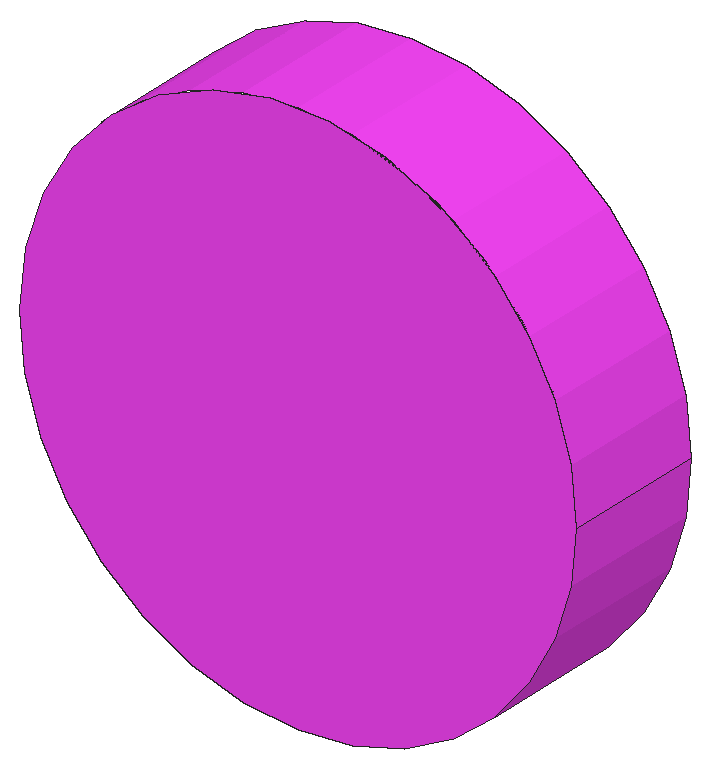
Revit family "501_MEP_Задание_Гильза_Стены", category Оборудование, Revit 2018
Family settings
  Размер круглого соединителя = Использовать диаметр
  Классификация = Нет
  Тип детали = Нормальный
  На основе рабочей плоскости = Нет
  Всегда вертикально = Да
  При загрузке вырезать с полостями = Нет
  Общий = Нет
  Точка расчета площади = Нет
Parameters (values of type "ЭОМ")
  Ключевая пометка = "501_MEP"  # constant formula
  КП_Р_Толщина стенки = 6 mm
  SYS_MAX [instance] = if(Ширина > Высота, Ширина, Высота)  # 1000 mm
  КП_Р_Диаметр [instance] = SYS_MAX + Расширение границ * 2  # 1100 mm
  Заливка цветом = Заливка Цветная Прямоугольное Отверстие : Красный
  Гильза [instance] = yes
  SYS_YES = 1 = 1  # yes
  SYS_WIDTH [instance] = Ширина / 2 + Расширение границ  # 550 mm
  Ширина [instance] = 1000 mm
  Толщина [instance] = 280 mm
  Расширение границ [instance] = 50 mm
  Описание = "Менеджер отверстий KPLN"  # constant formula
  Type Comments = ""
  Группа модели = "Задание на Гильзу в стене"  # constant formula
  SYS_OFFSET_UP [instance] = 0 mm
  SYS_OFFSET_DOWN [instance] = 0 mm
  SYS_NO = 1 = 0  # no
  SYS_HEIGHT [instance] = Высота / 2 + Расширение границ  # 550 mm
  Высота [instance] = 1000 mm
Types (5, lengths in mm): name | Заливка цветом | Гильза | Type Comments
  ОВ | Заливка Цветная Прямоугольное Отверстие : Желтый | yes | "Задание на Гильзу в стене"
  ВК | Заливка Цветная Прямоугольное Отверстие : Синий | yes | "Задание на Гильзу в стене"
  ЭОМ | Заливка Цветная Прямоугольное Отверстие : Красный | yes | ""
  СС | Заливка Цветная Прямоугольное Отверстие : Зеленый | yes | "Задание на Гильзу в стене"
  АУПТ | Заливка Цветная Прямоугольное Отверстие : Фиолетовый | no | "Задание на Гильзу в стене"
Reference planes
  plane 1 "По центру (Вперед/Назад)": y = 0
  plane 2: z = 0
  plane 3 "По центру (Влево/Вправо)": x = 0
  plane 4: z = 1000
  plane 5: x = -500
  plane 6: x = 500
  plane 7: z = 500
  plane 8: y = 140
  plane 9: y = -140
  plane 10: x = -550
  plane 11: z = 1050
  plane 12: x = 550
  plane 13: z = -50
  plane 14: z = 0
  plane 15: z = 1000
Forms (mm)
  Extrusion 1, solid, material "Полость (Задание на отверстие)"
    sketch origin (-606.998, -140, 1200) x (-1, 0, 0) y (0, 0, 1)
      loop
        circle (-606.998, -700) r 550
    from 0 to 280 <- "Толщина"
Lines and regions (mm)
  model lines, style "00"
    curve 1: line (0, 0, 1000) -> (0, 0, 0)
Dimensions and locks
  equal spacing: plane 5, plane 3 "По центру (Влево/Вправо)", plane 6
  equal spacing: plane 4, plane 7, plane 2
  "Ширина": plane 5 to plane 6
  "Высота": plane 4 to plane 2
  "Толщина": plane 8 to plane 9
  equal spacing: plane 8, plane 1 "По центру (Вперед/Назад)", plane 9
  "SYS_WIDTH": plane 3 "По центру (Влево/Вправо)" to plane 10
  "SYS_WIDTH": plane 12 to plane 3 "По центру (Влево/Вправо)"
  "SYS_HEIGHT": plane 7 to plane 13
  "SYS_HEIGHT": plane 11 to plane 7
  "SYS_OFFSET_DOWN": plane 2 to plane 14
  "SYS_OFFSET_UP": plane 15 to plane 4
  locked: plane 3 "По центру (Влево/Вправо)" to Extrusion 1 sketch curve
  locked: Extrusion 1 sketch curve to plane 7
  "КП_Р_Диаметр": diameter of Extrusion 1 sketch curve
  aligned and locked: level to plane 2
  aligned and locked: plane 3 "По центру (Влево/Вправо)" to nested 1
  aligned and locked: plane 1 "По центру (Вперед/Назад)" to nested 1
  aligned and locked: plane 15 to curve 1
  aligned and locked: plane 14 to curve 1
  aligned and locked: curve 1 to plane 3 "По центру (Влево/Вправо)"
Nested families
  nested 1: "Заливка Цветная Прямоугольное Отверстие" at (0, 0, 0), L <- "КП_Р_Диаметр", W <- "Толщина", План <- "SYS_YES", type <- "Заливка цветом", type "Красный"
    with Черный (план) no, Фиолетовый (план) no, Синий (план) no, План yes, Оранжевый (план) no, Красный (план) yes, Зеленый (план) no, Желтый (план) no, Голубой (план) no, W 280 mm, L 1100 mm, AW 50 mm, AL 50 mm
Definition of nested family "Заливка Цветная Прямоугольное Отверстие"
  Parameters (values of type "Зеленый")
    Черный (план) [instance] = and(Черный, План)  # no
    Черный = no
    Фиолетовый (план) [instance] = and(Фиолетовый, План)  # no
    Фиолетовый = no
    Синий (план) [instance] = and(Синий, План)  # no
    Синий = no
    План [instance] = yes
    Оранжевый (план) [instance] = and(Оранжевый, План)  # no
    Оранжевый = no
    Красный (план) [instance] = and(Красный, План)  # no
    Красный = no
    Зеленый (план) [instance] = and(Зеленый, План)  # yes
    Зеленый = yes
    Желтый (план) [instance] = and(Желтый, План)  # no
    Желтый = no
    Голубой (план) [instance] = and(Голубой, План)  # no
    Голубой = no
    L [instance] = 400 mm
    W [instance] = 200 mm
    AW [instance] = if(and(L > 500 mm, W > 500 mm), 100 mm, 50 mm)  # 50 mm
    AL [instance] = if(and(L > 500 mm, W > 500 mm), 100 mm, 50 mm)  # 50 mm
  Types (8, lengths in mm): name | Черный (план) | Черный | Фиолетовый (план) | Фиолетовый | Синий (план) | Синий | Оранжевый (план) | Оранжевый | Красный (план) | Красный | Зеленый (план) | Зеленый | Желтый (план) | Желтый | Голубой (план) | Голубой
    Красный | no | no | no | no | no | no | no | no | yes | yes | no | no | no | no | no | no
    Желтый | no | no | no | no | no | no | no | no | no | no | no | no | yes | yes | no | no
    Оранжевый | no | no | no | no | no | no | yes | yes | no | no | no | no | no | no | no | no
    Голубой | no | no | no | no | no | no | no | no | no | no | no | no | no | no | yes | yes
    Синий | no | no | no | no | yes | yes | no | no | no | no | no | no | no | no | no | no
    Фиолетовый | no | no | yes | yes | no | no | no | no | no | no | no | no | no | no | no | no
    Черный | yes | yes | no | no | no | no | no | no | no | no | no | no | no | no | no | no
    Зеленый | no | no | no | no | no | no | no | no | no | no | yes | yes | no | no | no | no
  Reference planes
    plane 1 "По центру (Вперед/Назад)": y = 0
    plane 2: z = 0
    plane 3 "По центру (Влево/Вправо)": x = 0
    plane 4: x = 200
    plane 5: x = -200
    plane 6: y = 100
    plane 7: y = -100
    plane 8: y = 50
    plane 9: x = -150
  Lines and regions (mm)
    Filled region 1, type "Черный", in view "Опорный уровень", visible <- "Черный"
      outline origin (0, 0, 0) x (1, 0, 0) y (0, 1, 0)
        loop
          line (-200, 100) -> (-200, -100) -> (-150, 50) -> (200, 100) -> (-200, 100)
    Filled region 2, type "Голубой", in view "Опорный уровень", visible <- "Голубой"
      outline origin (0, 0, 0) x (1, 0, 0) y (0, 1, 0)
        loop
          line (-200, 100) -> (-200, -100) -> (-150, 50) -> (200, 100) -> (-200, 100)
    Filled region 3, type "Желтый", in view "Опорный уровень", visible <- "Желтый"
      outline origin (0, 0, 0) x (1, 0, 0) y (0, 1, 0)
        loop
          line (-200, 100) -> (-200, -100) -> (-150, 50) -> (200, 100) -> (-200, 100)
    Filled region 4, type "Зеленый", in view "Опорный уровень", visible <- "Зеленый"
      outline origin (0, 0, 0) x (1, 0, 0) y (0, 1, 0)
        loop
          line (-200, 100) -> (-200, -100) -> (-150, 50) -> (200, 100) -> (-200, 100)
    Filled region 5, type "Красный", in view "Опорный уровень", visible <- "Красный"
      outline origin (0, 0, 0) x (1, 0, 0) y (0, 1, 0)
        loop
          line (-200, 100) -> (-200, -100) -> (-150, 50) -> (200, 100) -> (-200, 100)
    Filled region 6, type "Оранжевый", in view "Опорный уровень", visible <- "Оранжевый"
      outline origin (0, 0, 0) x (1, 0, 0) y (0, 1, 0)
        loop
          line (-200, 100) -> (-200, -100) -> (-150, 50) -> (200, 100) -> (-200, 100)
    Filled region 7, type "Синий", in view "Опорный уровень", visible <- "Синий"
      outline origin (0, 0, 0) x (1, 0, 0) y (0, 1, 0)
        loop
          line (-200, 100) -> (-200, -100) -> (-150, 50) -> (200, 100) -> (-200, 100)
    Filled region 8, type "Фиолетовый", in view "Опорный уровень", visible <- "Фиолетовый"
      outline origin (0, 0, 0) x (1, 0, 0) y (0, 1, 0)
        loop
          line (-200, 100) -> (-200, -100) -> (-150, 50) -> (200, 100) -> (-200, 100)
    Filled region 9, type "Черный", in view "Опорный уровень", visible <- "Черный (план)"
      outline origin (630.409, -492.529, 0) x (1, 0, 0) y (0, 1, 0)
        loop
          line (-780.409, 542.529) -> (-830.409, 392.529) -> (-430.409, 392.529) -> (-430.409, 592.529) -> (-780.409, 542.529)
    Filled region 10, type "Голубой", in view "Опорный уровень", visible <- "Голубой (план)"
      outline origin (520, -360, 0) x (1, 0, 0) y (0, 1, 0)
        loop
          line (-670, 410) -> (-720, 260) -> (-320, 260) -> (-320, 460) -> (-670, 410)
    Filled region 11, type "Желтый", in view "Опорный уровень", visible <- "Желтый (план)"
      outline origin (500, -320, 0) x (1, 0, 0) y (0, 1, 0)
        loop
          line (-300, 420) -> (-650, 370) -> (-700, 220) -> (-300, 220) -> (-300, 420)
    Filled region 12, type "Зеленый", in view "Опорный уровень", visible <- "Зеленый (план)"
      outline origin (630.409, -492.529, 0) x (1, 0, 0) y (0, 1, 0)
        loop
          line (-430.409, 592.529) -> (-780.409, 542.529) -> (-830.409, 392.529) -> (-430.409, 392.529) -> (-430.409, 592.529)
    Filled region 13, type "Красный", in view "Опорный уровень", visible <- "Красный (план)"
      outline origin (630.409, -492.529, 0) x (1, 0, 0) y (0, 1, 0)
        loop
          line (-780.409, 542.529) -> (-830.409, 392.529) -> (-430.409, 392.529) -> (-430.409, 592.529) -> (-780.409, 542.529)
    Filled region 14, type "Оранжевый", in view "Опорный уровень", visible <- "Оранжевый (план)"
      outline origin (630.409, -492.529, 0) x (1, 0, 0) y (0, 1, 0)
        loop
          line (-830.409, 392.529) -> (-430.409, 392.529) -> (-430.409, 592.529) -> (-780.409, 542.529) -> (-830.409, 392.529)
    Filled region 15, type "Синий", in view "Опорный уровень", visible <- "Синий (план)"
      outline origin (630.409, -492.529, 0) x (1, 0, 0) y (0, 1, 0)
        loop
          line (-830.409, 392.529) -> (-430.409, 392.529) -> (-430.409, 592.529) -> (-780.409, 542.529) -> (-830.409, 392.529)
    Filled region 16, type "Фиолетовый", in view "Опорный уровень", visible <- "Фиолетовый (план)"
      outline origin (580, -340, 0) x (1, 0, 0) y (0, 1, 0)
        loop
          line (-780, 240) -> (-380, 240) -> (-380, 440) -> (-730, 390) -> (-780, 240)
  Dimensions and locks
    equal spacing: plane 5, plane 3 "По центру (Влево/Вправо)", plane 4
    equal spacing: plane 6, plane 1 "По центру (Вперед/Назад)", plane 7
    "W": plane 6 to plane 7
    "L": plane 5 to plane 4
    plane 5 to plane 3 "По центру (Влево/Вправо)" = 200 mm
    "AL": plane 5 to plane 9
    "AW": plane 6 to plane 8
    aligned and locked: plane 5 to Filled region 1 sketch curve
    aligned and locked: plane 6 to Filled region 1 sketch curve
    aligned and locked: Filled region 16 sketch curve to Filled region 8  (x2)
    aligned and locked: Filled region 16 sketch curve to plane 7
    aligned and locked: Filled region 16 sketch curve to plane 4
    aligned and locked: Filled region 15 sketch curve to Filled region 8  (x2)
    aligned and locked: Filled region 15 sketch curve to plane 4
    aligned and locked: Filled region 15 sketch curve to plane 7
    aligned and locked: Filled region 14 sketch curve to Filled region 8  (x2)
    aligned and locked: Filled region 14 sketch curve to plane 4
    aligned and locked: Filled region 14 sketch curve to plane 7
    aligned and locked: Filled region 13 sketch curve to Filled region 8  (x2)
    aligned and locked: Filled region 13 sketch curve to plane 7
    aligned and locked: Filled region 13 sketch curve to plane 4
    aligned and locked: Filled region 12 sketch curve to plane 4
    aligned and locked: Filled region 12 sketch curve to plane 7
    aligned and locked: Filled region 12 sketch curve to Filled region 8  (x2)
    aligned and locked: Filled region 11 sketch curve to plane 4
    aligned and locked: Filled region 11 sketch curve to plane 7
    aligned and locked: Filled region 11 sketch curve to Filled region 8  (x2)
    aligned and locked: Filled region 10 sketch curve to Filled region 8  (x2)
    aligned and locked: Filled region 10 sketch curve to plane 7
    aligned and locked: Filled region 10 sketch curve to plane 4
    aligned and locked: Filled region 9 sketch curve to Filled region 8  (x2)
    aligned and locked: Filled region 9 sketch curve to plane 7
    aligned and locked: Filled region 9 sketch curve to plane 4
  Automatic sketch dimensions
    Filled region 1 sketch curve to plane 8 = 0 mm
    Filled region 1 sketch curve to plane 9 = 0 mm
    Filled region 1 sketch curve to plane 4 = 0 mm
    Filled region 1 sketch curve to plane 7 = 0 mm
    Filled region 2 sketch curve to plane 5 = 0 mm
    Filled region 2 sketch curve to plane 8 = 0 mm
    Filled region 2 sketch curve to plane 9 = 0 mm
    Filled region 2 sketch curve to plane 4 = 0 mm
    Filled region 2 sketch curve to plane 7 = 0 mm
    Filled region 2 sketch curve to plane 6 = 0 mm
    Filled region 3 sketch curve to plane 5 = 0 mm
    Filled region 3 sketch curve to plane 8 = 0 mm
    Filled region 3 sketch curve to plane 9 = 0 mm
    Filled region 3 sketch curve to plane 4 = 0 mm
    Filled region 3 sketch curve to plane 7 = 0 mm
    Filled region 3 sketch curve to plane 6 = 0 mm
    Filled region 4 sketch curve to plane 5 = 0 mm
    Filled region 4 sketch curve to plane 8 = 0 mm
    Filled region 4 sketch curve to plane 9 = 0 mm
    Filled region 4 sketch curve to plane 4 = 0 mm
    Filled region 4 sketch curve to plane 7 = 0 mm
    Filled region 4 sketch curve to plane 6 = 0 mm
    Filled region 5 sketch curve to plane 5 = 0 mm
    Filled region 5 sketch curve to plane 8 = 0 mm
    Filled region 5 sketch curve to plane 9 = 0 mm
    Filled region 5 sketch curve to plane 4 = 0 mm
    Filled region 5 sketch curve to plane 7 = 0 mm
    Filled region 5 sketch curve to plane 6 = 0 mm
    Filled region 6 sketch curve to plane 5 = 0 mm
    Filled region 6 sketch curve to plane 8 = 0 mm
    Filled region 6 sketch curve to plane 9 = 0 mm
    Filled region 6 sketch curve to plane 4 = 0 mm
    Filled region 6 sketch curve to plane 7 = 0 mm
    Filled region 6 sketch curve to plane 6 = 0 mm
    Filled region 7 sketch curve to plane 5 = 0 mm
    Filled region 7 sketch curve to plane 8 = 0 mm
    Filled region 7 sketch curve to plane 9 = 0 mm
    Filled region 7 sketch curve to plane 4 = 0 mm
    Filled region 7 sketch curve to plane 7 = 0 mm
    Filled region 7 sketch curve to plane 6 = 0 mm
    Filled region 8 sketch curve to plane 5 = 0 mm
    Filled region 8 sketch curve to plane 8 = 0 mm
    Filled region 8 sketch curve to plane 9 = 0 mm
    Filled region 8 sketch curve to plane 4 = 0 mm
    Filled region 8 sketch curve to plane 7 = 0 mm
    Filled region 8 sketch curve to plane 6 = 0 mm
